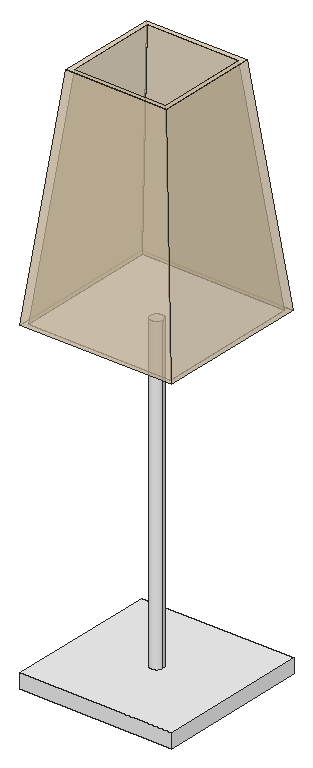
Revit family
Parameters
  Wattage = 12.1178 W
  built-in parameter 1150110 = 1 (stored number, unit not read)
  built-in parameter 1114217 = 1 (stored number, unit not read)
  built-in parameter 1150109 = 1 (stored number, unit not read)
  built-in parameter 1150134 = 3
  built-in parameter 1150113 = 1 (stored number, unit not read)
  built-in parameter 1150105 = 143.24 (stored number, unit not read)
  Lumens = 1800 lm
  built-in parameter 1150115 = 1 (stored number, unit not read)
  Light Source Symbol Size = 609.6 mm
  built-in parameter 1150137 = (empty or 0)
  built-in parameter 1150139 = (empty or 0)
  built-in parameter 1150112 = 1 (stored number, unit not read)
  built-in parameter 1150114 = 1 (stored number, unit not read)
  Keynote = "V"
  built-in parameter 1150132 = 2
  built-in parameter 1150102 = (empty or 0)
  built-in parameter 1150107 = 3200 (stored number, unit not read)
  built-in parameter 1150138 = (empty or 0)
  built-in parameter 1150106 = 1.4324 (stored number, unit not read)
  built-in parameter 1150104 = 13.8 (stored number, unit not read)
  Dimming Lamp Color Temperature Shift = (empty or 0)
  Color Filter = 16777215
  built-in parameter 1114218 = 1 (stored number, unit not read)
  built-in parameter 1150133 = 10 (stored number, unit not read)
Reference planes
  plane 1 "Light Source Axis (F/B)": y = 0
  plane 2: z = 0
  plane 3 "Light Source Axis (L/R)": x = 0
  plane 4 "Light Source Elevation": z = 457.2
Forms (mm)
  Extrusion 1, solid, material "Metal - Chrome"
    sketch origin (0, 0, 0) x (1, 0, 0) y (0, 1, 0)
      loop
        line (-76.2, 76.2) -> (-76.2, -76.2) -> (76.2, -76.2) -> (76.2, 76.2) -> (-76.2, 76.2)
    from 12.7 to 26.789
  Extrusion 2, solid, material "Metal - Chrome"
    sketch origin (0, 0, 0) x (1, 0, 0) y (0, 1, 0)
      loop
        circle (0, 0) r 6.35
    from 26.793 to 457.2
  Blend 3, solid, material "Fabric - Shade"
    base sketch origin (0, 0, 0) x (1, 0, 0) y (0, 1, 0)
      loop
        line (-76.2, 76.2) -> (-76.2, -76.2) -> (76.2, -76.2) -> (76.2, 76.2) -> (-76.2, 76.2)
    top sketch origin (0, 0, 0) x (1, 0, 0) y (0, 1, 0)
      loop
        line (-50.8, 50.8) -> (-50.8, -50.8) -> (50.8, -50.8) -> (50.8, 50.8) -> (-50.8, 50.8)
    from 338.556 to 565.348
  Blend 4, void
    base sketch origin (0, 0, 0) x (1, 0, 0) y (0, 1, 0)
      loop
        line (-71.12, 71.12) -> (-71.12, -71.12) -> (71.12, -71.12) -> (71.12, 71.12) -> (-71.12, 71.12)
    top sketch origin (0, 0, 0) x (1, 0, 0) y (0, 1, 0)
      loop
        line (-45.72, 45.72) -> (-45.72, -45.72) -> (45.72, -45.72) -> (45.72, 45.72) -> (-45.72, 45.72)
    from 338.556 to 565.348
  Extrusion 5, solid, material "Metal - Chrome"
    sketch origin (0, 0, 0) x (1, 0, 0) y (0, 1, 0)
      loop
        circle (-45.72, 45.72) r 6.35
      loop
        circle (45.72, 45.72) r 6.35
      loop
        circle (-45.72, -45.72) r 6.35
      loop
        circle (45.72, -45.72) r 6.35
    from 0 to 12.7
Cuts and joins
  Blend 4 cuts Extrusion 1
  Blend 4 cuts Extrusion 2
  Blend 4 cuts Blend 3
Dimensions and locks
  aligned and locked: Extrusion 2 to plane 4 "Light Source Elevation"
  aligned and locked: plane 3 "Light Source Axis (L/R)" to imposter light
  aligned and locked: plane 1 "Light Source Axis (F/B)" to imposter light
  aligned and locked: plane 4 "Light Source Elevation" to imposter light
